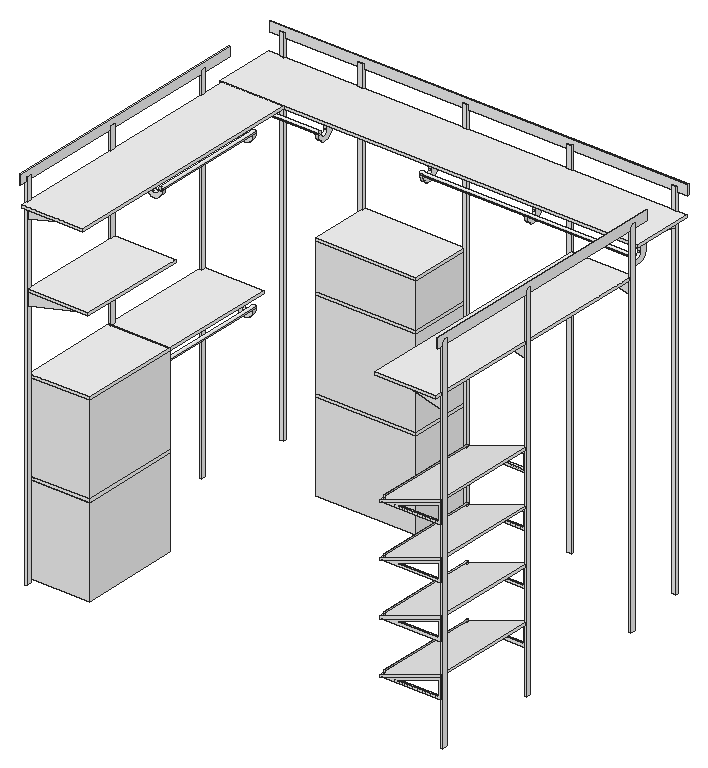
Revit family "ClosetMaid - ShelfTrack EVO - Solid Wood Melamine Walk-In Sample 8x6", category Specialty Equipment, Revit 2018
Family settings
  Round Connector Dimension = Use Diameter
  Part Type = Normal
  Work Plane-Based = No
  Always vertical = Yes
  Cut with Voids When Loaded = No
  Shared = No
  Room Calculation Point = No
Parameters (values of type "8x6 Sample Walk-In Closet")
  Wall Type [instance] = Wall Type : Drywall
  URL = "www.ClosetMaidPro.com"
  Type Comments = "5/8'' Solid Melamine Shelving"  # constant formula
  Support Material = White Finish
  Standards Length = 7' - 0"
  Shelf Width [instance] = 8' - 0"  # constant formula
  Shelf Material = White Finish
  Shelf Finish [instance] = "White Melamine"
  Shelf Depth = 1' - 2"  # constant formula
  Number of Units = 3
  Number of Standards = 12
  Number of Shelves = 5
  Number of Brackets = 16
  Mounting Height [instance] = 7' - 1"
  Manufacturer = "ClosetMaid"  # constant formula
  Keynote = "10 57 00"  # constant formula
  Drawer Material = White Finish
  Description = "8'x6' Solid Wood Shelving Sample Walk-In Unit"  # constant formula
  Created by = "ClosetMaid"  # constant formula
Reference planes (in)
  plane 1: z = 0
  plane 2 "Center (Left/Right)": x = 6
  plane 3 "Right": x = 54
  plane 4 "Left": x = -42
  plane 5 "Top": z = 85
  plane 6 "Back": y = 6
  plane 7 "Back of Shelf": y = 5.5
  plane 8: y = -66
  plane 9: x = -39
  plane 10: x = -21
  plane 11: x = 3
  plane 12: x = 27
  plane 13: x = 51
  plane 14: y = -40
  plane 15: y = -64
  plane 16 "R Vert 1": y = -10
Lines and regions (in)
  Masking region 1
    outline origin (0, 0, 85) x (-1, 0, 0) y (0, -1, 0)
      loop
        line (42, -6) -> (42, 8.5) -> (-54, 8.5) -> (-54, -6) -> (42, -6)
  Masking region 2
    outline origin (-1.05529, -37, 85) x (-1, 0, 0) y (0, -1, 0)
      loop
        line (40.94471, -28.5) -> (40.94471, 29) -> (26.44471, 29) -> (26.44471, -28.5) -> (40.94471, -28.5)
  Masking region 3
    outline origin (13.05529, -37, 85) x (0, -1, 0) y (1, 0, 0)
      loop
        line (-28.5, 40.94471) -> (-28.5, 26.44471) -> (29, 26.44471) -> (29, 40.94471) -> (-28.5, 40.94471)
  symbolic lines, style "SpecialityEquipmentHiddenLines"
    curve 1: line (-42, -6.5, 0) -> (54, -6.5, 0)
    curve 2: line (-21, 6, 0) -> (-21, -6.5, 0)
    curve 3: line (3, 6, 0) -> (3, -6.5, 0)
    curve 4: line (27, 6, 0) -> (27, -6.5, 0)
    curve 5: line (-30, -64, 0) -> (-30, -13.5, 0)
    curve 6: line (42, -64, 0) -> (42, -10, 0)
    curve 7: line (-30, -40, 0) -> (-42, -40, 0)
    curve 8: line (-30, -64, 0) -> (-42, -64, 0)
    curve 9: line (42, -40, 0) -> (54, -40, 0)
    curve 10: line (42, -64, 0) -> (54, -64, 0)
    curve 11: line (42, -10, 0) -> (54, -10, 0)
    curve 12: line (-30, -13.5, 0) -> (-42, -13.5, 0)
Dimensions and locks (in)
  plane 4 "Left" to plane 3 "Right" = 8' - 0"  (x2)
  locked: plane 6 "Back" to plane 7 "Back of Shelf" at 0.5
  "Mounting Height": plane 5 "Top" to level
  "Shelf Depth": plane 7 "Back of Shelf" to Masking region 1 sketch curve
  plane 4 "Left" to plane 2 "Center (Left/Right)" to plane 3 "Right" = 4' - 0", 4' - 0"
  plane 6 "Back" to plane 8 = 6' - 0"  (x2)
  plane 4 "Left" to nested 9 to nested 3 to nested 5 to nested 10 to nested 4 to plane 3 "Right" = 0' - 3", 1' - 6", 2' - 0", 2' - 0", 2' - 0", 0' - 3"
  plane 4 "Left" to nested 5 = 3' - 9"
  plane 4 "Left" to nested 3 = 1' - 9"
  plane 4 "Left" to nested 10 = 5' - 9"
  nested 37 to level = 5' - 10"
  plane 6 "Back" to plane 14 = 3' - 10"
  plane 6 "Back" to plane 16 "R Vert 1" = 1' - 4"
  plane 16 "R Vert 1" to plane 14 to plane 15 = 2' - 6", 2' - 0"
  plane 4 "Left" to Masking region 2 = 1' - 2 1/2"  (x2)
  plane 5 "Top" to level = 7' - 1"
  plane 8 to nested 21 to nested 19 to nested 20 = 0' - 2", 2' - 0", 2' - 2"
  nested 8 to level = 6' - 8"
  nested 11 to level = 6' - 4"
  nested 24 to nested 29 to level = 3' - 0", 3' - 8"
  nested 24 to level = 6' - 8"
  nested 48 to nested 47 to nested 46 to nested 45 to level = 1' - 0", 1' - 0", 1' - 0", 1' - 4"
  Masking region 3 to plane 3 "Right" = 1' - 2 1/2"
  plane 6 "Back" to Masking region 1 = 1' - 2 1/2"
  plane 4 "Left" to curve 5 = 1' - 0"
  aligned and locked: level to plane 1
  aligned and locked: plane 4 "Left" to Masking region 1
  aligned and locked: plane 3 "Right" to Masking region 1
  aligned and locked: plane 6 "Back" to Masking region 1
  aligned and locked: nested 2 to plane 6 "Back"
  aligned and locked: nested 3 to plane 5 "Top"
  aligned and locked: nested 4 to plane 5 "Top"
  aligned and locked: nested 5 to plane 5 "Top"
  aligned and locked: nested 3 to plane 6 "Back"
  aligned and locked: nested 5 to plane 6 "Back"
  aligned and locked: nested 4 to plane 6 "Back"
  aligned and locked: nested 6 to plane 7 "Back of Shelf"
  aligned and locked: nested 7 to plane 7 "Back of Shelf"
  aligned and locked: nested 8 to plane 7 "Back of Shelf"
  aligned and locked: plane 4 "Left" to nested 2
  aligned and locked: nested 2 to plane 3 "Right"
  aligned and locked: nested 9 to plane 5 "Top"
  aligned and locked: nested 10 to plane 5 "Top"
  aligned and locked: nested 18 to plane 4 "Left"
  aligned and locked: plane 15 to nested 21
  aligned and locked: nested 39 to plane 14
  aligned and locked: nested 37 to plane 14
Automatic sketch dimensions
  curve 1 to plane 4 "Left" = 0' - 0"
  curve 8 to plane 4 "Left" = 0' - 0"
  curve 7 to plane 4 "Left" = 0' - 0"
  curve 12 to plane 4 "Left" = 0' - 0"
  curve 2 to plane 6 "Back" = 0' - 0"
  curve 2 to plane 10 = 0' - 0"
  curve 3 to plane 11 = 0' - 0"
  curve 4 to plane 12 = 0' - 0"
  curve 6 to plane 16 "R Vert 1" = 0' - 0"
  curve 6 to plane 15 = 0' - 0"
  curve 9 to plane 14 = 0' - 0"
  curve 11 to plane 3 "Right" = 0' - 0"
  curve 10 to plane 3 "Right" = 0' - 0"
  curve 9 to plane 3 "Right" = 0' - 0"
  curve 1 to plane 3 "Right" = 0' - 0"
  curve 8 to plane 15 = 0' - 0"
  curve 7 to plane 14 = 0' - 0"
  curve 4 to plane 6 "Back" = 0' - 0"
  curve 3 to plane 6 "Back" = 0' - 0"
  plane 13 to curve 6 = 0' - 9"
  plane 16 "R Vert 1" to curve 3 = 0' - 3 1/2"
  Masking region 2 sketch curve to plane 8 = 0' - 0"
  Masking region 2 sketch curve to plane 4 "Left" = 0' - 0"
  plane 10 to Masking region 2 sketch curve = 0' - 6 1/2"
  plane 16 "R Vert 1" to Masking region 2 sketch curve = 0' - 1 1/2"
  Masking region 3 sketch curve to plane 3 "Right" = 0' - 0"
  Masking region 3 sketch curve to plane 8 = 0' - 0"
  plane 16 "R Vert 1" to Masking region 3 sketch curve = 0' - 1 1/2"
  plane 13 to Masking region 3 sketch curve = 0' - 11 1/2"
  curve 12 to plane 16 "R Vert 1" = 0' - 3 1/2"
  Masking region 1 sketch curve to plane 3 "Right" = 0' - 0"
  Masking region 1 sketch curve to plane 4 "Left" = 0' - 0"
  Masking region 1 sketch curve to plane 6 "Back" = 0' - 0"
Nested families (in)
  nested 1: "J-Hook Fixed - 4 Hook" at (3, 5, 79.375), Bracket Material <- "Support Material", type "Default"
    with Width R 2' - 0", Width L 0' - 9.02107", Width Center 1' - 2.97893", Width 4' - 0 3/8", Show Center R JHook yes, Show Center L JHook no, Right J-Hook Visible yes, Left J-Hook Visible yes, Depth 1' - 0", Bracket Material White Finish
  nested 2: "EVO Hang Track" at (5.2623, 29.75, 0), Track Height <- "Mounting Height", Material <- "Support Material", type "Hang Track"
    with Width 8' - 0", Track Height 7' - 1", Material White Finish
  nested 3: "Standard" at (-21.7377, 29.5, 1), Material <- "Support Material", type "Standard"
    with Material White Finish, Height 7' - 0"
  nested 4: "Standard" at (50.2623, 29.5, 1), Material <- "Support Material", type "Standard"
    with Material White Finish, Height 7' - 0"
  nested 5: "Standard" at (2.2623, 29.5, 1), Material <- "Support Material", type "Standard"
    with Material White Finish, Height 7' - 0"
  nested 6: "EVO Bracket" at (27, 5.5, 79.375), Support Material <- "Support Material", type "Default"
    with Support Material White Finish, Finish "", Depth 1' - 2"
  nested 7: "EVO Bracket" at (51, 5.5, 79.375), Support Material <- "Support Material", type "Default"
    with Support Material White Finish, Finish "", Depth 1' - 2"
  nested 8: "EVO Shelf" at (-42, 5.5, 80), Shelf Material <- "Shelf Material", type "EVO Shelf"
    with Shelf Material White Finish, Shelf Depth 1' - 2", Length 8' - 0"
  nested 9: "Standard" at (-39.7377, 29.5, 1), Material <- "Support Material", type "Standard"
    with Material White Finish, Height 7' - 0"
  nested 10: "Standard" at (26.2623, 29.5, 1), Material <- "Support Material", type "Standard"
    with Material White Finish, Height 7' - 0"
  nested 11: "J-Hook Fixed" at (-21, 5, 79.375) x (-1, 0, 0) z (0, 0, 1), Bracket Material <- "Support Material", type "Default"
    with Width R 0' - 11", Width L 0' - 7", Width 1' - 6 3/8", Show Center JHook no, Right J-Hook Visible yes, Left J-Hook Visible yes, Depth 1' - 0", Bracket Material White Finish
  nested 12: "EVO Bracket" at (-21, 5.5, 79.375) x (-1, 0, 0) z (0, 0, 1), Support Material <- "Support Material", type "Default"
    with Support Material White Finish, Finish "", Depth 1' - 2"
  nested 13: "EVO Bracket" at (-39, 5.5, 79.375) x (-1, 0, 0) z (0, 0, 1), Support Material <- "Support Material", type "Default"
    with Support Material White Finish, Finish "", Depth 1' - 2"
  nested 14: "EVO Bracket" at (3, 5.5, 79.375), Support Material <- "Support Material", type "Default"
    with Support Material White Finish, Finish "", Depth 1' - 2"
  nested 15: "Drawer for Assemblies" at (-20.5, 6, 44), Drawer Material <- "Drawer Material", Shelf Material <- "Shelf Material", type "Drawer for Assemblies"
    with Single Drawer yes, Show Shelf on Top yes, Shelf Thickness 0' - 0 5/8", Shelf Material White Finish, Length 1' - 11", Height 0' - 11", Finish "", Drawer Material White Finish, Double Drawer no
  nested 16: "Drawer for Assemblies" at (-20.5, 6, 23), Drawer Material <- "Drawer Material", Shelf Material <- "Shelf Material", type "Drawer for Assemblies"
    with Single Drawer no, Show Shelf on Top yes, Shelf Thickness 0' - 0 5/8", Shelf Material White Finish, Length 1' - 11", Height 1' - 9", Finish "", Drawer Material White Finish, Double Drawer yes
  nested 17: "Drawer for Assemblies" at (-20.5, 6, 2), Drawer Material <- "Drawer Material", Shelf Material <- "Shelf Material", type "Drawer for Assemblies"
    with Single Drawer no, Show Shelf on Top yes, Shelf Thickness 0' - 0 5/8", Shelf Material White Finish, Length 1' - 11", Height 1' - 9", Finish "", Drawer Material White Finish, Double Drawer yes
  nested 18: "EVO Hang Track" at (-65.75, -36.7377, 0) x (0, 1, 0) z (0, 0, 1), Track Height <- "Mounting Height", Material <- "Support Material", type "Hang Track"
    with Width 5' - 0", Track Height 7' - 1", Material White Finish
  nested 19: "Standard" at (-65.5, -40.7377, 1) x (0, 1, 0) z (0, 0, 1), Material <- "Support Material", type "Standard"
    with Material White Finish, Height 7' - 0"
  nested 20: "Standard" at (-65.5, -14.7377, 1) x (0, 1, 0) z (0, 0, 1), Material <- "Support Material", type "Standard"
    with Material White Finish, Height 7' - 0"
  nested 21: "Standard" at (-65.5, -64.7377, 1) x (0, 1, 0) z (0, 0, 1), Material <- "Support Material", type "Standard"
    with Material White Finish, Height 7' - 0"
  nested 22: "Drawer for Assemblies" at (-42, -63.5, 2) x (0, 1, 0) z (0, 0, 1), Drawer Material <- "Drawer Material", Shelf Material <- "Shelf Material", type "Drawer for Assemblies"
    with Single Drawer no, Show Shelf on Top yes, Shelf Thickness 0' - 0 5/8", Shelf Material White Finish, Length 1' - 11", Height 1' - 9", Finish "", Drawer Material White Finish, Double Drawer yes
  nested 23: "Drawer for Assemblies" at (-42, -63.5, 23) x (0, 1, 0) z (0, 0, 1), Drawer Material <- "Drawer Material", Shelf Material <- "Shelf Material", type "Drawer for Assemblies"
    with Single Drawer no, Show Shelf on Top yes, Shelf Thickness 0' - 0 5/8", Shelf Material White Finish, Length 1' - 11", Height 1' - 9", Finish "", Drawer Material White Finish, Double Drawer yes
  nested 24: "EVO Shelf" at (-41.5, -66, 80) x (0, 1, 0) z (0, 0, 1), type "EVO Shelf"
    with Shelf Material White Finish, Shelf Depth 1' - 2", Length 4' - 9 1/2"
  nested 25: "J-Hook Fixed" at (-41.75, -14, 79.375) x (0, -1, 0) z (0, 0, 1), Bracket Material <- "Support Material", type "Default"
    with Width R 1' - 0", Width L 1' - 2", Width 2' - 2 3/8", Show Center JHook no, Right J-Hook Visible yes, Left J-Hook Visible yes, Depth 1' - 0", Bracket Material White Finish
  nested 26: "EVO Bracket" at (-41.5, -14, 79.375) x (0, -1, 0) z (0, 0, 1), Support Material <- "Support Material", type "Default"
    with Support Material White Finish, Finish "", Depth 1' - 1 1/4"
  nested 27: "EVO Bracket" at (-41.5, -40, 79.375) x (0, -1, 0) z (0, 0, 1), Support Material <- "Support Material", type "Default"
    with Support Material White Finish, Finish "", Depth 1' - 1 1/4"
  nested 28: "EVO Bracket" at (-41.5, -64, 79.375) x (0, -1, 0) z (0, 0, 1), Support Material <- "Support Material", type "Default"
    with Support Material White Finish, Finish "", Depth 1' - 1 1/4"
  nested 29: "EVO Shelf" at (-42, -40.5, 44) x (0, 1, 0) z (0, 0, 1), type "EVO Shelf"
    with Shelf Material White Finish, Shelf Depth 1' - 2", Length 2' - 3"
  nested 30: "J-Hook Fixed" at (-41.75, -14, 43.375) x (0, -1, 0) z (0, 0, 1), Bracket Material <- "Support Material", type "Default"
    with Width R 1' - 0", Width L 1' - 2", Width 2' - 2 3/8", Show Center JHook no, Right J-Hook Visible yes, Left J-Hook Visible yes, Depth 1' - 0", Bracket Material White Finish
  nested 31: "EVO Bracket" at (-41.5, -14, 43.375) x (0, -1, 0) z (0, 0, 1), Support Material <- "Support Material", type "Default"
    with Support Material White Finish, Finish "", Depth 1' - 1 1/4"
  nested 32: "EVO Bracket" at (-41.5, -40, 43.375) x (0, -1, 0) z (0, 0, 1), Support Material <- "Support Material", type "Default"
    with Support Material White Finish, Finish "", Depth 1' - 1 1/4"
  nested 33: "EVO Shelf" at (-41.5, -64.5, 62) x (0, 1, 0) z (0, 0, 1), type "EVO Shelf"
    with Shelf Material White Finish, Shelf Depth 1' - 2", Length 2' - 1"
  nested 34: "EVO Bracket" at (-41.5, -40, 61.375) x (0, -1, 0) z (0, 0, 1), Support Material <- "Support Material", type "Default"
    with Support Material White Finish, Finish "", Depth 1' - 1 1/4"
  nested 35: "EVO Bracket" at (-41.5, -64, 61.375) x (0, -1, 0) z (0, 0, 1), Support Material <- "Support Material", type "Default"
    with Support Material White Finish, Finish "", Depth 1' - 1 1/4"
  nested 36: "EVO Shelf" at (53.5, -66, 74) x (0, 1, 0) z (0, 0, 1), type "EVO Shelf"
    with Shelf Material White Finish, Shelf Depth 1' - 2", Length 4' - 8 1/2"
  nested 37: "J-Hook Fixed" at (53.75, -10, 73.375) x (0, -1, 0) z (0, 0, 1), Bracket Material <- "Support Material", type "Default"
    with Width R 1' - 3", Width L 1' - 3", Width 2' - 6 3/8", Show Center JHook no, Right J-Hook Visible yes, Left J-Hook Visible yes, Depth 1' - 0", Bracket Material White Finish
  nested 38: "EVO Bracket" at (53.5, -10, 73.375) x (0, -1, 0) z (0, 0, 1), Support Material <- "Support Material", type "Default"
    with Support Material White Finish, Finish "", Depth 1' - 1 1/4"
  nested 39: "EVO Bracket" at (53.5, -40, 73.375) x (0, -1, 0) z (0, 0, 1), Support Material <- "Support Material", type "Default"
    with Support Material White Finish, Finish "", Depth 1' - 1 1/4"
  nested 40: "EVO Bracket" at (53.5, -64, 73.375) x (0, -1, 0) z (0, 0, 1), Support Material <- "Support Material", type "Default"
    with Support Material White Finish, Finish "", Depth 1' - 1 1/4"
  nested 41: "EVO Hang Track" at (77.75, -36.7377, 0) x (0, 1, 0) z (0, 0, 1), Track Height <- "Mounting Height", Material <- "Support Material", type "Hang Track"
    with Width 5' - 0", Track Height 7' - 1", Material White Finish
  nested 42: "Standard" at (77.5, -40.7377, 1) x (0, 1, 0) z (0, 0, 1), Material <- "Support Material", type "Standard"
    with Material White Finish, Height 7' - 0"
  nested 43: "Standard" at (77.5, -64.7377, 1) x (0, 1, 0) z (0, 0, 1), Material <- "Support Material", type "Standard"
    with Material White Finish, Height 7' - 0"
  nested 44: "Standard" at (77.5, -10.7377, 1) x (0, 1, 0) z (0, 0, 1), Material <- "Support Material", type "Standard"
    with Material White Finish, Height 7' - 0"
  nested 45: "EVO Shoe Shelf" at (53.5, -39.5, 16) x (0, -1, 0) z (0, 0, 1), Shelf Material <- "Shelf Material", Support Material <- "Support Material", type "Default"
    with Support Material White Finish, Shelf Material White Finish, Length 2' - 1", Finish ""
  nested 46: "EVO Shoe Shelf" at (53.5, -39.5, 28) x (0, -1, 0) z (0, 0, 1), Shelf Material <- "Shelf Material", Support Material <- "Support Material", type "Default"
    with Support Material White Finish, Shelf Material White Finish, Length 2' - 1", Finish ""
  nested 47: "EVO Shoe Shelf" at (53.5, -39.5, 40) x (0, -1, 0) z (0, 0, 1), Shelf Material <- "Shelf Material", Support Material <- "Support Material", type "Default"
    with Support Material White Finish, Shelf Material White Finish, Length 2' - 1", Finish ""
  nested 48: "EVO Shoe Shelf" at (53.5, -39.5, 52) x (0, -1, 0) z (0, 0, 1), Shelf Material <- "Shelf Material", Support Material <- "Support Material", type "Default"
    with Support Material White Finish, Shelf Material White Finish, Length 2' - 1", Finish ""
Definition of nested family "J-Hook Fixed - 4 Hook"
  Parameters (values of type "Default")
    Width R [instance] = 1' - 0"
    Width L [instance] = 1' - 0"
    Width Center [instance] = 1' - 10 1/2"
    Width [instance] = Width L + Width R + Width Center + 0' 0 3/8"  # 3' - 10 7/8"
    Show Center R JHook [instance] = yes
    Show Center L JHook [instance] = yes
    Right J-Hook Visible [instance] = yes
    Left J-Hook Visible [instance] = yes
    Finish = ""
    Depth [instance] = 1' - 0"
    Bracket Material [instance] = none
  Reference planes (in)
    plane 1 "Back": y = 0
    plane 2: z = 0
    plane 3 "Left": x = 0
    plane 4 "Front": y = -12
    plane 5 "Array End Right": x = 46.5
    plane 6: x = 12
    plane 7 "Back of Lip": y = -11.5
    plane 8 "Base of Shelf": z = 0
    plane 9: x = 34.5
    plane 10 "CL Hang Rod": z = -3.375
  Forms (in)
    Extrusion 1, solid, material <- "Bracket Material"
      sketch origin (0, -0.5, 0) x (0, 1, 0) y (0, 0, 1)
        loop
          circle (-11.125, -3.375) r 0.375
      from -0.375 to 46.875 <- "Width"
  Dimensions and locks (in)
    locked: plane 4 "Front" to plane 1 "Back" at 12
    "Width L": plane 3 "Left" to plane 6
    "Width R": plane 9 to plane 5 "Array End Right"
    "Width Center": plane 6 to plane 9
    aligned and locked: level to plane 2
    aligned and locked: nested 1 to plane 8 "Base of Shelf"
    aligned and locked: plane 8 "Base of Shelf" to nested 1
    aligned and locked: nested 3 to plane 8 "Base of Shelf"
    aligned and locked: nested 2 to plane 8 "Base of Shelf"
    aligned and locked: nested 1 to plane 4 "Front"
    aligned and locked: nested 3 to plane 4 "Front"
    aligned and locked: nested 2 to plane 4 "Front"
    aligned and locked: nested 3 to plane 6
    aligned and locked: nested 2 to plane 5 "Array End Right"
    aligned and locked: nested 1 to plane 3 "Left"
    aligned and locked: nested 4 to plane 4 "Front"
    aligned and locked: nested 4 to plane 9
  Automatic sketch dimensions
    Extrusion 1 sketch curve to plane 7 "Back of Lip" = 0' - 0 1/8"
    Extrusion 1 sketch curve to level = 0' - 3 3/8"
    radius of Extrusion 1 sketch curve = 0' - 0 3/8"
  Nested families (in)
    nested 1: "J-Bracket" at (0.7377, -35.53906, -5.6875) x (-1, 0, 0) z (0, 0, 1), visible <- "Left J-Hook Visible", Material <- "Bracket Material", type "J-Bracket"
    nested 2: "J-Bracket" at (47.2377, -35.53906, -5.6875) x (-1, 0, 0) z (0, 0, 1), visible <- "Right J-Hook Visible", Material <- "Bracket Material", type "J-Bracket"
    nested 3: "J-Bracket" at (12.7377, -35.53906, -5.6875) x (-1, 0, 0) z (0, 0, 1), visible <- "Show Center L JHook", Material <- "Bracket Material", type "J-Bracket"
    nested 4: "J-Bracket" at (35.2377, -35.53906, -5.6875) x (-1, 0, 0) z (0, 0, 1), visible <- "Show Center R JHook", Material <- "Bracket Material", type "J-Bracket"
  Definition of nested family "J-Bracket"
    Parameters (values of type "J-Bracket")
      Material [instance] = none
    Reference planes (in)
      plane 1: z = 0
      plane 2 "Center (Left/Right)": x = 0.7377
      plane 3 "Left": x = 0.3627
      plane 4 "Right": x = 1.1127
      plane 5 "Front": y = -24.03906
      plane 6 "Top": z = 5.6875
    Forms (in)
      Extrusion 1, solid, material <- "Material"
        sketch origin (1.1127, -3.5, 0.15319) x (0, -1, 0) y (0, 0, 1)
          loop
            line (20.03906, 2.12155) -> (20.03906, 1.87155)
            arc (20.03906, 1.87155) -> (22.03906, -0.12845) -> (24.03906, 1.87155) r 2
            line (24.03906, 1.87155) -> (24.03906, 2.62155)
            arc (24.03906, 2.62155) -> (23.60685, 4.288) -> (22.41918, 5.53431) r 3.42869
            line (22.41918, 5.53431) -> (20.53906, 5.53431) -> (20.53906, 4.74655)
            arc (20.53906, 4.74655) -> (21.98209, 3.7716) -> (22.53906, 2.12155) r 2.72266
            line (22.53906, 2.12155) -> (22.53906, 1.79794)
            arc (22.53906, 1.79794) -> (21.66406, 0.92294) -> (20.78906, 1.79794) r 0.875
            line (20.78906, 1.79794) -> (20.78906, 2.12155) -> (20.03906, 2.12155)
        from 0 to 0.75
    Dimensions and locks (in)
      plane 3 "Left" to plane 2 "Center (Left/Right)" to plane 4 "Right" = 0' - 0 3/8", 0' - 0 3/8"
      level to plane 6 "Top" = 0' - 5 11/16"
      locked: plane 6 "Top" to level at 5.6875
      aligned and locked: plane 1 to level
      aligned and locked: plane 3 "Left" to Extrusion 1
Definition of nested family "EVO Hang Track"
  Parameters (values of type "Hang Track")
    Width [instance] = 8' - 0"
    Material [instance] = none
    Track Height [instance] = 7' - 6"
  Reference planes (in)
    plane 1 "Back": y = -23.75
    plane 2 "Center (Left/Right)": x = 0.7377
    plane 3 "Left": x = -47.2623
    plane 4 "Right": x = 48.7377
    plane 5 "Front": y = -24
    plane 6 "Top": z = 91.125
    plane 7: z = 88.875
    plane 8: x = -44.2623
    plane 9: x = 45.7377
    plane 10 "CL": z = 90
  Forms (in)
    Extrusion 1, solid, material <- "Material"
      sketch origin (0, 0, 0) x (1, 0, 0) y (0, 1, 0)
        loop
          line (-47.2623, -23.75) -> (-47.2623, -24) -> (48.7377, -24) -> (48.7377, -23.75) -> (-47.2623, -23.75)
      from 88.875 to 91.125
  Dimensions and locks (in)
    "Width": plane 3 "Left" to plane 4 "Right"
    equal spacing: plane 3 "Left", plane 2 "Center (Left/Right)", plane 4 "Right"
    "Track Height": plane 10 "CL" to level
    locked: plane 6 "Top" to plane 7 at 2.25
    locked: plane 8 to plane 3 "Left" at 3
    locked: plane 9 to plane 4 "Right" at 3
    equal spacing: plane 6 "Top", plane 10 "CL", plane 7
    locked: plane 5 "Front" to plane 1 "Back" at 0.25
    aligned and locked: plane 1 "Back" to Extrusion 1 sketch curve
    aligned and locked: Extrusion 1 sketch curve to plane 5 "Front"
    aligned and locked: plane 3 "Left" to Extrusion 1
    aligned and locked: Extrusion 1 to plane 4 "Right"
    aligned and locked: Extrusion 1 to plane 1 "Back"
    aligned and locked: Extrusion 1 to plane 6 "Top"
    aligned and locked: plane 6 "Top" to Extrusion 1
    aligned and locked: Extrusion 1 to plane 7
  Automatic sketch dimensions
    Extrusion 1 sketch curve to plane 3 "Left" = 0' - 0"
    Extrusion 1 sketch curve to plane 4 "Right" = 0' - 0"
Definition of nested family "Standard"
  Parameters (values of type "Standard")
    Material [instance] = none
    Height [instance] = 7' - 0"
  Reference planes (in)
    plane 1 "Back": y = -23.5
    plane 2 "Center (Left/Right)": x = 0.7377
    plane 3 "Left": x = 0.2377
    plane 4 "Right": x = 1.2377
    plane 5 "Front": y = -24
    plane 6 "Top": z = 84
  Forms (in)
    Extrusion 1, solid, material <- "Material"
      sketch origin (0, 0, 0) x (1, 0, 0) y (0, 1, 0)
        loop
          line (0.2377, -23.5) -> (0.2377, -24) -> (1.2377, -24) -> (1.2377, -23.5) -> (0.2377, -23.5)
      from 0 to 84
  Dimensions and locks (in)
    locked: plane 5 "Front" to plane 1 "Back" at 0.5
    locked: plane 3 "Left" to plane 4 "Right" at 1
    equal spacing: plane 3 "Left", plane 2 "Center (Left/Right)", plane 4 "Right"
    "Height": plane 6 "Top" to level
    aligned and locked: plane 1 "Back" to Extrusion 1 sketch curve
    aligned and locked: Extrusion 1 sketch curve to plane 3 "Left"
    aligned and locked: Extrusion 1 sketch curve to plane 5 "Front"
    aligned and locked: plane 4 "Right" to Extrusion 1 sketch curve
    aligned and locked: Extrusion 1 to plane 6 "Top"
    aligned and locked: Extrusion 1 to level
Definition of nested family "EVO Bracket"
  Parameters (values of type "Default")
    Support Material [instance] = none
    Finish [instance] = ""
    Depth [instance] = 1' - 2"
  Reference planes (in)
    plane 1 "Back": y = 0
    plane 2: z = 0
    plane 3 "Center L/R": x = 0
    plane 4 "Right": x = 0.25
    plane 5 "Front": y = -14
    plane 6 "Top": z = 0
    plane 7: z = -3
    plane 8: y = -12.5
    plane 9 "Left": x = -0.25
  Forms (in)
    Extrusion 1, solid, material <- "Support Material"
      sketch origin (0, 0, 0) x (0, 1, 0) y (0, 0, 1)
        loop
          line (0, 0) -> (-12.5, 0) -> (0, -3) -> (0, 0)
      from -0.25 to 0.25
  Dimensions and locks (in)
    plane 6 "Top" to level = 0' - 0"
    "Depth": plane 5 "Front" to plane 1 "Back"
    locked: level to plane 7 at 3
    locked: plane 8 to plane 5 "Front" at 1.5
    plane 9 "Left" to plane 3 "Center L/R" to plane 4 "Right" = 0' - 0 1/4" locked, 0' - 0 1/4" locked
    aligned and locked: level to plane 2
    aligned and locked: Extrusion 1 sketch curve to plane 6 "Top"
    aligned and locked: plane 1 "Back" to Extrusion 1 sketch curve
    aligned and locked: plane 7 to Extrusion 1 sketch curve
    aligned and locked: plane 8 to Extrusion 1 sketch curve
    aligned and locked: plane 4 "Right" to Extrusion 1
    aligned and locked: Extrusion 1 to plane 9 "Left"
Definition of nested family "EVO Shelf"
  Parameters (values of type "EVOTrack Shelf")
    Shelf Material [instance] = none
    Length [instance] = 8' - 0"
    Shelf Depth [instance] = 1' - 0"
  Reference planes (in)
    plane 1 "Back": y = 0
    plane 2: z = 0
    plane 3 "Left": x = 0
    plane 4 "Right": x = 96
    plane 5 "Front": y = -12
    plane 6 "Bottom of Shelf": z = -0.625
  Forms (in)
    Extrusion 1, solid, material <- "Shelf Material"
      sketch origin (0, 0, 0) x (1, 0, 0) y (0, 1, 0)
        loop
          line (96, 0) -> (0, 0) -> (0, -12) -> (96, -12) -> (96, 0)
      from -0.625 to 0
  Dimensions and locks (in)
    "Length": plane 3 "Left" to plane 4 "Right"
    "Shelf Depth": plane 5 "Front" to plane 1 "Back"
    locked: level to plane 6 "Bottom of Shelf" at 0.625
    aligned and locked: level to plane 2
    aligned and locked: Extrusion 1 sketch curve to plane 1 "Back"
    aligned and locked: Extrusion 1 sketch curve to plane 4 "Right"
    aligned and locked: Extrusion 1 sketch curve to plane 5 "Front"
    aligned and locked: Extrusion 1 sketch curve to plane 3 "Left"
    aligned and locked: Extrusion 1 to plane 5 "Front"
    aligned and locked: Extrusion 1 to plane 1 "Back"
    aligned and locked: plane 4 "Right" to Extrusion 1
    aligned and locked: Extrusion 1 to plane 3 "Left"
Definition of nested family "J-Hook Fixed"
  Parameters (values of type "Default")
    Width R [instance] = 3' - 0"
    Width L [instance] = 1' - 0"
    Width [instance] = Width L + Width R + 0' 0 3/8"  # 4' - 0 3/8"
    Show Center JHook [instance] = yes
    Right J-Hook Visible [instance] = no
    Left J-Hook Visible [instance] = yes
    Finish = ""
    Depth [instance] = 1' - 0"
    Bracket Material [instance] = none
  Reference planes (in)
    plane 1 "Back": y = 0
    plane 2: z = 0
    plane 3 "Left": x = 0
    plane 4 "Front": y = -12
    plane 5 "Array End Right": x = 48
    plane 6: x = 12
    plane 7 "Back of Lip": y = -11.5
    plane 8 "Base of Shelf": z = 0
    plane 9 "CL Hang Rod": z = -3.375
  Forms (in)
    Extrusion 1, solid, material <- "Bracket Material"
      sketch origin (0, -0.5, 0) x (0, 1, 0) y (0, 0, 1)
        loop
          circle (-11.125, -3.375) r 0.375
      from -0.375 to 48.375 <- "Width"
  Dimensions and locks (in)
    locked: plane 4 "Front" to plane 1 "Back" at 12
    "Width L": plane 3 "Left" to plane 6
    "Width R": plane 6 to plane 5 "Array End Right"
    level to plane 9 "CL Hang Rod" = 0' - 3 3/8"
    aligned and locked: level to plane 2
    aligned and locked: nested 1 to plane 8 "Base of Shelf"
    aligned and locked: plane 8 "Base of Shelf" to nested 1
    aligned and locked: nested 3 to plane 8 "Base of Shelf"
    aligned and locked: nested 2 to plane 8 "Base of Shelf"
    aligned and locked: nested 1 to plane 4 "Front"
    aligned and locked: nested 3 to plane 4 "Front"
    aligned and locked: nested 2 to plane 4 "Front"
    aligned and locked: nested 3 to plane 6
    aligned and locked: nested 2 to plane 5 "Array End Right"
    aligned and locked: nested 1 to plane 3 "Left"
  Automatic sketch dimensions
    Extrusion 1 sketch curve to plane 7 "Back of Lip" = 0' - 0 1/8"
    Extrusion 1 sketch curve to level = 0' - 3 3/8"
    radius of Extrusion 1 sketch curve = 0' - 0 3/8"
  Nested families (in)
    nested 1: "J-Bracket" at (0.7377, -35.53906, -5.6875) x (-1, 0, 0) z (0, 0, 1), visible <- "Left J-Hook Visible", Material <- "Bracket Material", type "J-Bracket"
    nested 2: "J-Bracket" at (48.7377, -35.53906, -5.6875) x (-1, 0, 0) z (0, 0, 1), visible <- "Right J-Hook Visible", Material <- "Bracket Material", type "J-Bracket"
    nested 3: "J-Bracket" at (12.7377, -35.53906, -5.6875) x (-1, 0, 0) z (0, 0, 1), visible <- "Show Center JHook", Material <- "Bracket Material", type "J-Bracket"
  Definition of nested family "J-Bracket"
    Parameters (values of type "J-Bracket")
      Material [instance] = none
    Reference planes (in)
      plane 1: z = 0
      plane 2 "Center (Left/Right)": x = 0.7377
      plane 3 "Left": x = 0.3627
      plane 4 "Right": x = 1.1127
      plane 5 "Front": y = -24.03906
      plane 6 "Top": z = 5.6875
    Forms (in)
      Extrusion 1, solid, material <- "Material"
        sketch origin (1.1127, -3.5, 0.15319) x (0, -1, 0) y (0, 0, 1)
          loop
            line (20.03906, 2.12155) -> (20.03906, 1.87155)
            arc (20.03906, 1.87155) -> (22.03906, -0.12845) -> (24.03906, 1.87155) r 2
            line (24.03906, 1.87155) -> (24.03906, 2.62155)
            arc (24.03906, 2.62155) -> (23.60685, 4.288) -> (22.41918, 5.53431) r 3.42869
            line (22.41918, 5.53431) -> (20.53906, 5.53431) -> (20.53906, 4.74655)
            arc (20.53906, 4.74655) -> (21.98209, 3.7716) -> (22.53906, 2.12155) r 2.72266
            line (22.53906, 2.12155) -> (22.53906, 1.79794)
            arc (22.53906, 1.79794) -> (21.66406, 0.92294) -> (20.78906, 1.79794) r 0.875
            line (20.78906, 1.79794) -> (20.78906, 2.12155) -> (20.03906, 2.12155)
        from 0 to 0.75
    Dimensions and locks (in)
      plane 3 "Left" to plane 2 "Center (Left/Right)" to plane 4 "Right" = 0' - 0 3/8", 0' - 0 3/8"
      level to plane 6 "Top" = 0' - 5 11/16"
      locked: plane 6 "Top" to level at 5.6875
      aligned and locked: plane 1 to level
      aligned and locked: plane 3 "Left" to Extrusion 1
Definition of nested family "Drawer for Assemblies"
  Parameters (values of type "Drawer for Assemblies")
    Single Drawer [instance] = no
    Show Shelf on Top [instance] = yes
    Shelf Thickness [instance] = 0' - 0 5/8"
    Shelf Material [instance] = none
    Length [instance] = 1' - 11"
    Height [instance] = if(Double Drawer, 1' 9", 0' 11")  # 1' - 9"
    Finish [instance] = ""
    Drawer Material [instance] = none
    Double Drawer [instance] = not(Single Drawer)  # yes
  Reference planes (in)
    plane 1 "Back": y = 0
    plane 2: z = 0
    plane 3 "Left": x = 0
    plane 4 "Right": x = 23
    plane 5 "Front": y = -14
    plane 6 "Top": z = 21
    plane 7 "Bottom of Shelf": z = 20.375
    plane 8: z = 18
    plane 9: z = 7.1875
    plane 10: z = 10.1875
  Forms (in)
    Extrusion 1, solid, material <- "Shelf Material", visible <- "Show Shelf on Top"
      sketch origin (0, 0, 0) x (1, 0, 0) y (0, 1, 0)
        loop
          line (23, 0) -> (0, 0) -> (0, -14) -> (23, -14) -> (23, 0)
      from 20.375 to 21
    Extrusion 2, solid, material <- "Drawer Material"
      sketch origin (0, 0, 0) x (1, 0, 0) y (0, 0, 1)
        loop
          line (0, 20.375) -> (0, 0) -> (23, 0) -> (23, 20.375) -> (0, 20.375)
      from 0 to 14
  Lines and regions (in)
    model lines
      curve 1: line (9.5, -14, 18) -> (13.5, -14, 18)
    model lines, visible <- "Double Drawer"
      curve 2: line (0, -14, 10.1875) -> (23, -14, 10.1875)
      curve 3: line (9.5, -14, 7.1875) -> (13.5, -14, 7.1875)
  Dimensions and locks (in)
    "Shelf Thickness": plane 6 "Top" to plane 7 "Bottom of Shelf"
    "Height": plane 6 "Top" to level
    "Length": plane 3 "Left" to plane 4 "Right"
    "Depth": plane 5 "Front" to plane 1 "Back"
    locked: plane 6 "Top" to plane 8 at 3
    locked: plane 10 to plane 9 at 3
    aligned and locked: level to plane 2
    aligned and locked: Extrusion 1 sketch curve to plane 1 "Back"
    aligned and locked: Extrusion 1 sketch curve to plane 4 "Right"
    aligned and locked: Extrusion 1 sketch curve to plane 5 "Front"
    aligned and locked: Extrusion 1 sketch curve to plane 3 "Left"
    aligned and locked: plane 6 "Top" to Extrusion 1
    aligned and locked: Extrusion 1 to plane 7 "Bottom of Shelf"
    aligned and locked: plane 3 "Left" to Extrusion 2 sketch curve
    aligned and locked: Extrusion 2 sketch curve to plane 7 "Bottom of Shelf"
    aligned and locked: Extrusion 2 sketch curve to plane 4 "Right"
    aligned and locked: level to Extrusion 2 sketch curve
    aligned and locked: Extrusion 2 to plane 1 "Back"
    aligned and locked: plane 4 "Right" to Extrusion 2
    aligned and locked: Extrusion 2 to plane 5 "Front"
    aligned and locked: curve 2 to plane 10
    aligned and locked: curve 3 to plane 9
  Automatic sketch dimensions
    curve 1 to plane 8 = 0' - 0"
    curve 1 to plane 4 "Right" = 0' - 9 1/2"
    curve 2 to plane 4 "Right" = 0' - 0"
    curve 2 to plane 3 "Left" = 0' - 0"
    curve 3 to plane 4 "Right" = 0' - 9 1/2"
    curve 3 to curve 3 = 0' - 4"
    curve 1 to curve 1 = 0' - 4"
Definition of nested family "EVO Shoe Shelf"
  Parameters (values of type "Default")
    Support Material [instance] = none
    Shelf Material [instance] = none
    Length [instance] = 4' - 0"
    Finish [instance] = ""
  Reference planes (in)
    plane 1 "Back": y = 0
    plane 2: z = 0
    plane 3 "Left": x = 0
    plane 4 "Right": x = 48
    plane 5 "Front": y = -14
    plane 6 "wire stop": y = -13.5
  Forms (in)
    Extrusion 1, solid, material <- "Shelf Material"
      sketch origin (0, 0, -14.5) x (0, 1, 0) y (0, 0, 1)
        loop
          line (0, 14.5) -> (-14, 9.625) -> (-14, 9.125) -> (0, 14) -> (0, 14.5)
      from 0 to 48
    Sweep 2, solid, material <- "Shelf Material"
      path origin (0, -13.5, 0.375) x (0, 0, 1) y (-1, 0, 0)
        loop
          line (-5.3125, -0.5) -> (-4.6875, -0.5)
          arc (-4.6875, -0.5) -> (-4.59911, -0.53661) -> (-4.5625, -0.625) r 0.125
          line (-4.5625, -0.625) -> (-4.5625, -47.375)
          arc (-4.5625, -47.375) -> (-4.59911, -47.46339) -> (-4.6875, -47.5) r 0.125
          line (-4.6875, -47.5) -> (-5.3125, -47.5)
      profile origin (0.5, -13.5, -4.625) x (-1, 0, 0) y (0, -1, 0)
        loop
          circle (0, 0) r 0.0937
    Extrusion 3, solid, material <- "Support Material"
      sketch origin (0, 0, 0) x (0, 1, 0) y (0, 0, 1)
        loop
          line (-13.5, -5.20089) -> (0, -5.20089) -> (0, -0.5) -> (-13.5, -5.20089)
        loop
          line (-0.5, -1.20355) -> (-10.54364, -4.70089) -> (-0.5, -4.70089) -> (-0.5, -1.20355)
      from 0 to 0.5
    Extrusion 4, solid, material <- "Support Material"
      sketch origin (48, 0, 0) x (0, 1, 0) y (0, 0, 1)
        loop
          line (-13.5, -5.20089) -> (0, -5.20089) -> (0, -0.5) -> (-13.5, -5.20089)
        loop
          line (-0.5, -1.20355) -> (-10.54364, -4.70089) -> (-0.5, -4.70089) -> (-0.5, -1.20355)
      from 0 to -0.5
  Cuts and joins
    joined: Extrusion 1, Sweep 2
  Dimensions and locks (in)
    "Length": plane 3 "Left" to plane 4 "Right"
    plane 6 "wire stop" to plane 5 "Front" = 0' - 0 1/2"
    locked: plane 1 "Back" to plane 5 "Front" at 14
    aligned and locked: level to plane 2
    aligned and locked: plane 1 "Back" to Extrusion 1 sketch curve
    aligned and locked: plane 5 "Front" to Extrusion 1 sketch curve
    aligned and locked: plane 4 "Right" to Extrusion 1
  Automatic sketch dimensions
    plane 1 "Back" to Sweep 2 sketch curve = 1' - 1 1/2"
    Sweep 2 sketch curve to profile plane = 0' - 0"
    Sweep 2 sketch curve to Sweep 2 sketch curve = 0' - 0 5/8"  (x2)
    Sweep 2 sketch curve to Sweep 2 sketch curve = 0' - 0 1/8"
    Sweep 2 sketch curve to plane 4 "Right" = 0' - 0 1/2"
    plane 3 "Left" to Sweep 2 sketch curve = 0' - 0 5/8"
    Extrusion 1 sketch curve to level = 0' - 0"
    Extrusion 1 sketch curve to Extrusion 1 sketch curve = 0' - 0 1/2"  (x2)
    Extrusion 1 sketch curve to level = 0' - 4 7/8"
    Sweep 2 sketch curve to level = 0' - 4 5/16"  (x2)
    Extrusion 3 sketch curve to plane 6 "wire stop" = 0' - 0"
    Extrusion 3 sketch curve to plane 6 "wire stop" = 0' - 2.95636"
    Extrusion 3 sketch curve to plane 1 "Back" = 0' - 0"
    plane 1 "Back" to Extrusion 3 sketch curve = 0' - 0 1/2"
    Extrusion 3 sketch curve to level = 0' - 5.20089"
    Extrusion 3 sketch curve to level = 0' - 1.20355"
    Extrusion 3 sketch curve to level = 0' - 0 1/2"
    Extrusion 3 sketch curve to Extrusion 3 sketch curve = 0' - 0 1/2"
    Extrusion 4 sketch curve to plane 6 "wire stop" = 0' - 0"
    Extrusion 4 sketch curve to plane 1 "Back" = 0' - 0"
    Extrusion 4 sketch curve to plane 6 "wire stop" = 0' - 2.95636"
    plane 1 "Back" to Extrusion 4 sketch curve = 0' - 0 1/2"
    Extrusion 4 sketch curve to level = 0' - 5.20089"
    Extrusion 4 sketch curve to Extrusion 4 sketch curve = 0' - 0 1/2"
    Extrusion 4 sketch curve to level = 0' - 1.20355"
    Extrusion 4 sketch curve to level = 0' - 0 1/2"
    radius of Sweep 2 sketch curve = 0' - 0.0937"
